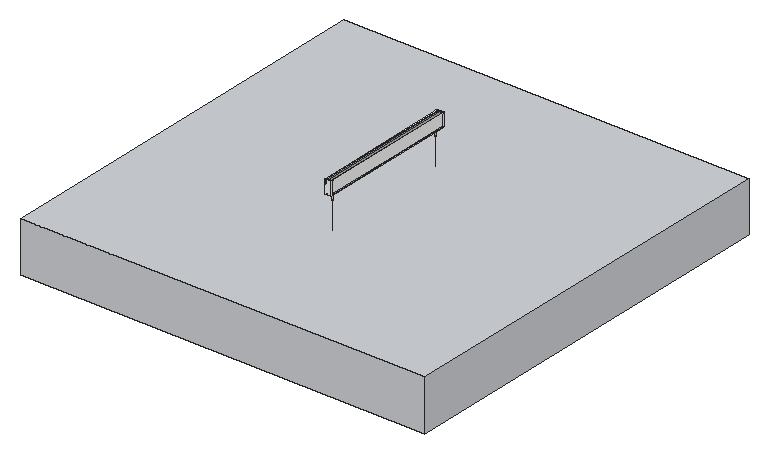
Revit family "LAMP_FIL 35 840MM OPAL SUSPENDED", category Luminarias, Revit 2018
Family settings
  Anfitrión = Cara
  Cota de conector redondo = Diámetro de uso
  Tipo de pieza = Normal
  Corte con vacíos al cargar = No
  Origen de luz = Sí
  Compartido = No
  Punto de cálculo de habitación = No
Parameters (values of type "912LM 3000K  BLACK")
  Ángulo de inclinación = -90.00°
  Weight = 1.76 kg
  Wattage = 8.8 W
  Type = "MID POWER TRIDONIC"
  built-in parameter 1150107 = 3000 (stored number, unit not read)
  NOT COVER 2 [instance] = not(END COVER 2)  # no
  NOT COVER 1 [instance] = not(END COVER 1)  # no
  END COVER 2 [instance] = yes
  END COVER 1 [instance] = yes
  Suspension distance [instance] = if(Suspension > 4000 mm, 4000 mm, if(Suspension < 1 mm, 1 mm, Suspension))  # 200 mm
  Suspension [instance] = 200 mm
  built-in parameter 1150110 = 1 (stored number, unit not read)
  built-in parameter 1150109 = 1 (stored number, unit not read)
  built-in parameter 1150112 = 1 (stored number, unit not read)
  built-in parameter 1150113 = 1 (stored number, unit not read)
  built-in parameter 1114218 = 1 (stored number, unit not read)
  Protection rating = "IP20 / IK07"
  Product datasheet = "http://www.lamp.es/product-files/TECH/F31SF084LOOP830NB-EN.pdf"
  Product code = "F31SF084LOOP830NB"
  Product URL = "https://www.lamp.es/en/family/fil-35_413911"
  Power Supply = "220-240V 50/60Hz"
  Power = 8 W
  Plum = 8.8 W
  Photobiological risk = ""
  built-in parameter 1150137 = (empty or 0)
  built-in parameter 1150132 = 2
  Modelo = Product code  # "F31SF084LOOP830NB"
  Model Explanation = ""
  Material suspension = LAMP_Acero genérico
  Material perfil = LAMP_Aluminio Perfil Fil NG
  Material difusor = LAMP_PC Difusor Opal Fil
  Manufacturer name = "LAMP"
  Manufacturer country = "Spain"
  Manufacturer URL = "http://www.lamp.es/en"
  MacAdam = "3"
  Longitud de línea de emisión = 840 mm
  Last update = "28/04/2021"
  Lamp = "MID-POWER LED"
  LED Lifetime = "50.000 L90 B10"
  built-in parameter 1150105 = 72.549 (stored number, unit not read)
  built-in parameter 1150102 = (empty or 0)
  Insulation class = "I"
  Installation instructions = "https://www.lamp.es/product-files/INS/1004590-A%20INSTR.%20FIL35.pdf"
  built-in parameter 1150106 = 0.72549 (stored number, unit not read)
  IEE = "A+"
  Gear = "Electronic"
  Lumens = 911.68 lm
  Finish = "Matte black RAL 9011"
  Color Filter = 16777215
  built-in parameter 1114217 = 1 (stored number, unit not read)
  built-in parameter 1150139 = (empty or 0)
  Fabricante = Manufacturer name  # "LAMP"
  Default Elevation = 1219.2 mm
  built-in parameter 1150104 = 9.6248 (stored number, unit not read)
  Efficacy = 103.6 lm/W
  Dimensions = "840x35x80"
  Descripción = "FIL35 SUR 840 1200 WW OPAL BK."
  built-in parameter 1150115 = 1 (stored number, unit not read)
  built-in parameter 1150114 = 1 (stored number, unit not read)
  built-in parameter 1150138 = (empty or 0)
  built-in parameter 1150134 = 3
  Dimming Lamp Color Temperature Shift = (empty or 0)
  CRI = "80"
  Archivo de red fotométrica = "F31SF084LOOP830NB.IES"
  built-in parameter 1150133 = 10 (stored number, unit not read)
Types (12, lengths in mm): name | built-in parameter 1150107 | Product datasheet | Product code | Modelo | Material perfil | Finish | Descripción | Archivo de red fotométrica
  912LM 3000K DALI BLACK | 3000 (stored number, unit not read) | "http://www.lamp.es/product-files/TECH/F31SF084LOOP830DB-EN.pdf" | "F31SF084LOOP830DB" | "F31SF084LOOP830DB" | LAMP_Aluminio Perfil Fil NG | "Matte black RAL 9011" | "FIL35 SUR 840 1200 WW OPAL DALI BK." | "F31SF084LOOP830nB.IES"
  912LM 3000K DALI GREY | 3000 (stored number, unit not read) | "http://www.lamp.es/product-files/TECH/F31SF084LOOP830DG-EN.pdf" | "F31SF084LOOP830DG" | "F31SF084LOOP830DG" | LAMP_Aluminio Perfil Fil GR | "Gloss grey" | "FIL35 SUR 840 1200 WW OPAL DALI GR." | "F31SF084LOOP830nG.IES"
  912LM 3000K DALI WHITE | 3000 (stored number, unit not read) | "http://www.lamp.es/product-files/TECH/F31SF084LOOP830DW-EN.pdf" | "F31SF084LOOP830DW" | "F31SF084LOOP830DW" | LAMP_Aluminio Perfil Fil BL | "Matte white RAL 9010" | "FIL35 SUR 840 1200 WW OPAL DALI WH." | "F31SF084LOOP830nW.IES"
  912LM 3000K  BLACK | 3000 (stored number, unit not read) | "http://www.lamp.es/product-files/TECH/F31SF084LOOP830NB-EN.pdf" | "F31SF084LOOP830NB" | "F31SF084LOOP830NB" | LAMP_Aluminio Perfil Fil NG | "Matte black RAL 9011" | "FIL35 SUR 840 1200 WW OPAL BK." | "F31SF084LOOP830NB.IES"
  912LM 3000K  GREY | 3000 (stored number, unit not read) | "http://www.lamp.es/product-files/TECH/F31SF084LOOP830NG-EN.pdf" | "F31SF084LOOP830NG" | "F31SF084LOOP830NG" | LAMP_Aluminio Perfil Fil GR | "Gloss grey" | "FIL35 SUR 840 1200 WW OPAL GR." | "F31SF084LOOP830NG.IES"
  912LM 3000K  WHITE | 3000 (stored number, unit not read) | "http://www.lamp.es/product-files/TECH/F31SF084LOOP830NW-EN.pdf" | "F31SF084LOOP830NW" | "F31SF084LOOP830NW" | LAMP_Aluminio Perfil Fil BL | "Matte white RAL 9010" | "FIL35 SUR 840 1200 WW OPAL WH." | "F31SF084LOOP830NW.IES"
  912LM 4000K DALI BLACK | 4000 (stored number, unit not read) | "http://www.lamp.es/product-files/TECH/F31SF084LOOP840DB-EN.pdf" | "F31SF084LOOP840DB" | "F31SF084LOOP840DB" | LAMP_Aluminio Perfil Fil NG | "Matte black RAL 9011" | "FIL35 SUR 840 1200 NW OPAL DALI BK." | "F31SF084LOOP840nB.IES"
  912LM 4000K DALI GREY | 4000 (stored number, unit not read) | "http://www.lamp.es/product-files/TECH/F31SF084LOOP840DG-EN.pdf" | "F31SF084LOOP840DG" | "F31SF084LOOP840DG" | LAMP_Aluminio Perfil Fil GR | "Gloss grey" | "FIL35 SUR 840 1200 NW OPAL DALI GR." | "F31SF084LOOP840nG.IES"
  912LM 4000K DALI WHITE | 4000 (stored number, unit not read) | "http://www.lamp.es/product-files/TECH/F31SF084LOOP840DW-EN.pdf" | "F31SF084LOOP840DW" | "F31SF084LOOP840DW" | LAMP_Aluminio Perfil Fil BL | "Matte white RAL 9010" | "FIL35 SUR 840 1200 NW OPAL DALI WH." | "F31SF084LOOP840nW.IES"
  912LM 4000K  BLACK | 4000 (stored number, unit not read) | "http://www.lamp.es/product-files/TECH/F31SF084LOOP840NB-EN.pdf" | "F31SF084LOOP840NB" | "F31SF084LOOP840NB" | LAMP_Aluminio Perfil Fil NG | "Matte black RAL 9011" | "FIL35 SUR 840 1200 NW OPAL BK." | "F31SF084LOOP840NB.IES"
  912LM 4000K  GREY | 4000 (stored number, unit not read) | "http://www.lamp.es/product-files/TECH/F31SF084LOOP840NG-EN.pdf" | "F31SF084LOOP840NG" | "F31SF084LOOP840NG" | LAMP_Aluminio Perfil Fil GR | "Gloss grey" | "FIL35 SUR 840 1200 NW OPAL GR." | "F31SF084LOOP840NG.IES"
  912LM 4000K  WHITE | 4000 (stored number, unit not read) | "http://www.lamp.es/product-files/TECH/F31SF084LOOP840NW-EN.pdf" | "F31SF084LOOP840NW" | "F31SF084LOOP840NW" | LAMP_Aluminio Perfil Fil BL | "Matte white RAL 9010" | "FIL35 SUR 840 1200 NW OPAL WH." | "F31SF084LOOP840NW.IES"
Reference planes
  plane 1 "Centro (Frontal/Posterior)": y = 0
  plane 2: z = 0
  plane 3 "Centro (Izquierda/Derecha)": x = 0
Forms (mm)
  Extrusion 1, solid
    sketch origin (0, 0, 0) x (1, 0, 0) y (0, 1, 0)
      loop
        line (-1219.2, 1219.2) -> (-1219.2, -1219.2) -> (1219.2, -1219.2) -> (1219.2, 1219.2) -> (-1219.2, 1219.2)
    from 0 to -304.8
  Extrusion 2, solid, material "LAMP_Aluminio Perfil Fil NG" <- "Material perfil"
    sketch origin (0, 0, 0) x (1, 0, 0) y (0, 0, 1)
      loop
        arc (17.75, 285.7) -> (16.75, 286.7) -> (15.75, 285.7) r 1
        line (15.75, 285.7) -> (15.75, 284.2) -> (13.95, 284.2) -> (13.95, 259) -> (0, 259) -> (-13.95, 259) -> (-13.95, 284.2) -> (-15.75, 284.2) -> (-15.75, 285.7)
        arc (-15.75, 285.7) -> (-16.75, 286.7) -> (-17.75, 285.7) r 1
        line (-17.75, 285.7) -> (-17.75, 206.5) -> (-16.75, 206.5) -> (-16.75, 209.7) -> (-12.5, 209.7) -> (-12.5, 207.7) -> (-14.8, 207.7) -> (-13.6, 206.5) -> (-11, 206.5) -> (-11, 214.5) -> (0, 214.5) -> (11, 214.5) -> (11, 206.5) -> (13.6, 206.5) -> (14.8, 207.7) -> (12.5, 207.7) -> (12.5, 209.7) -> (16.75, 209.7) -> (16.75, 206.5) -> (17.75, 206.5) -> (17.75, 285.7)
    from -420 to 420
  Extrusion 3, solid, material "LAMP_Acero genérico" <- "Material suspension"
    sketch origin (0, 0, 0) x (1, 0, 0) y (0, 0, 1)
      loop
        line (-12.5, 201) -> (-15.291, 208.272) -> (-13.251, 209.7) -> (-14.251, 209.7) -> (-16.291, 208.272) -> (-13.116, 200) -> (0, 200) -> (13.116, 200) -> (16.291, 208.272) -> (14.251, 209.7) -> (13.251, 209.7) -> (15.291, 208.272) -> (12.5, 201) -> (0, 201) -> (-12.5, 201)
    from -400 to -378
  Extrusion 4, solid, material "LAMP_Acero genérico" <- "Material suspension"
    sketch origin (0, -24, 0) x (1, 0, 0) y (0, 1, 0)
      loop
        circle (0, -365) r 5
    from 163.2 to 200
  Extrusion 5, solid, material "LAMP_Acero genérico" <- "Material suspension"
    sketch origin (0, 24, 0) x (1, 0, 0) y (0, 1, 0)
      loop
        circle (0, 365) r 5
    from 163.2 to 200
  Extrusion 6, solid, material "LAMP_Acero genérico" <- "Material suspension"
    sketch origin (0, 0, 0) x (1, 0, 0) y (0, 1, 0)
      loop
        circle (0, -389) r 1
    from 0 to 163.2
  Extrusion 7, solid, material "LAMP_Acero genérico" <- "Material suspension"
    sketch origin (0, 0, 0) x (1, 0, 0) y (0, 1, 0)
      loop
        circle (0, 389) r 1
    from 0 to 163.2
  Extrusion 8, solid, material "LAMP_PC Difusor Opal Fil" <- "Material difusor"
    sketch origin (0, 0, -200) x (1, 0, 0) y (0, 0, 1)
      loop
        line (-15.75, 484.2) -> (0, 484.2) -> (15.75, 484.2) -> (15.75, 486.7) -> (0, 486.7) -> (-15.75, 486.7) -> (-15.75, 484.2)
    from 420 to -420
  Extrusion 9, solid, material "LAMP_Acero genérico" <- "Material suspension"
    sketch origin (0, 0, 0) x (1, 0, 0) y (0, 0, -1)
      loop
        line (-12.5, -201) -> (0, -201) -> (12.5, -201) -> (15.291, -208.272) -> (13.251, -209.7) -> (14.251, -209.7) -> (16.291, -208.272) -> (13.116, -200) -> (0, -200) -> (-13.116, -200) -> (-16.291, -208.272) -> (-14.251, -209.7) -> (-13.251, -209.7) -> (-15.291, -208.272) -> (-12.5, -201)
    from -400 to -378
  Extrusion 10, solid, material "LAMP_PC Difusor Opal Fil" <- "Material difusor"
    sketch origin (0, 0, 0) x (1, 0, 0) y (0, 0, 1)
      loop
        line (-11, 214.5) -> (-11, 206.5) -> (-7.529, 206.5) -> (11, 206.5) -> (11, 214.5) -> (10, 214.5) -> (10, 207.5) -> (-10, 207.5) -> (-10, 214.5) -> (-11, 214.5)
    from 420 to -420
Lines and regions (mm)
  reference lines
    curve 1: line (0, -445.47, 200) -> (0, 544.53, 200)
Text (mm)
  text "Any modification of the parameters and properties of the LAMP BIM models must be executed and validated by the LAMP technical department.\nPhone: +34 93 736 68 00\nE-mail: lamp@lamp.es\n\nLAMP reserves the right to modify the technical specifications of its products." at (3279.264, 5298.162, -2684.539), in view "Preview"
Dimensions and locks
  "Suspension distance": level to curve 1
  locked: Extrusion 4 to Extrusion 4 at 36.8
  locked: Extrusion 5 to Extrusion 5 at 36.8
  aligned and locked: plane 2 to Extrusion 1
  aligned and locked: level to Extrusion 1
  aligned and locked: curve 1 to Extrusion 9
  aligned and locked: curve 1 to Extrusion 3
  aligned and locked: Extrusion 4 to curve 1
  aligned and locked: Extrusion 5 to curve 1
  aligned and locked: Extrusion 6 to Extrusion 4
  aligned and locked: Extrusion 7 to Extrusion 5
  aligned and locked: Extrusion 2 to Extrusion 9
  aligned and locked: Extrusion 10 to Extrusion 2
  aligned and locked: Extrusion 8 to Extrusion 2
  aligned and locked: imposter light to Extrusion 8
  aligned and locked: Extrusion 2 to nested 1
  aligned and locked: nested 2 to Extrusion 2
Automatic sketch dimensions
  Extrusion 1 sketch curve to Extrusion 1 sketch curve = 2438.4 mm  (x2)
  Extrusion 4 sketch curve to plane 3 "Centro (Izquierda/Derecha)" = 0 mm
  plane 1 "Centro (Frontal/Posterior)" to Extrusion 4 sketch curve = 389 mm
  Extrusion 5 sketch curve to plane 3 "Centro (Izquierda/Derecha)" = 0 mm
  plane 1 "Centro (Frontal/Posterior)" to Extrusion 5 sketch curve = 389 mm
  Extrusion 6 sketch curve to plane 3 "Centro (Izquierda/Derecha)" = 0 mm
  plane 1 "Centro (Frontal/Posterior)" to Extrusion 6 sketch curve = 389 mm
  Extrusion 7 sketch curve to plane 3 "Centro (Izquierda/Derecha)" = 0 mm
  plane 1 "Centro (Frontal/Posterior)" to Extrusion 7 sketch curve = 389 mm
  Extrusion 10 sketch curve to plane 3 "Centro (Izquierda/Derecha)" = 11 mm
  Extrusion 10 sketch curve to Extrusion 10 sketch curve = 1 mm  (x3)
  Extrusion 10 sketch curve to Extrusion 10 sketch curve = 2.471 mm
  plane 3 "Centro (Izquierda/Derecha)" to Extrusion 10 sketch curve = 10 mm
  level to Extrusion 10 sketch curve = 206.5 mm
  Extrusion 10 sketch curve to Extrusion 10 sketch curve = 7 mm  (x2)
  Extrusion 2 sketch curve to plane 3 "Centro (Izquierda/Derecha)" = 0 mm  (x2)
  Extrusion 2 sketch curve to Extrusion 2 sketch curve = 11 mm
  Extrusion 2 sketch curve to Extrusion 2 sketch curve = 1.5 mm  (x4)
  Extrusion 2 sketch curve to Extrusion 2 sketch curve = 1.1 mm  (x2)
  Extrusion 2 sketch curve to plane 3 "Centro (Izquierda/Derecha)" = 13.95 mm
  Extrusion 2 sketch curve to Extrusion 2 sketch curve = 1.2 mm  (x4)
  Extrusion 2 sketch curve to Extrusion 2 sketch curve = 1.8 mm  (x2)
  Extrusion 2 sketch curve to Extrusion 2 sketch curve = 1 mm  (x3)
  plane 3 "Centro (Izquierda/Derecha)" to Extrusion 2 sketch curve = 11 mm
  plane 3 "Centro (Izquierda/Derecha)" to Extrusion 2 sketch curve = 13.95 mm
  Extrusion 2 sketch curve to Extrusion 2 sketch curve = 1.95 mm
  level to Extrusion 2 sketch curve = 206.5 mm
  Extrusion 2 sketch curve to Extrusion 2 sketch curve = 0 mm  (x3)
  Extrusion 2 sketch curve to Extrusion 2 sketch curve = 2 mm  (x2)
  Extrusion 2 sketch curve to Extrusion 2 sketch curve = 4.8 mm
  Extrusion 2 sketch curve to Extrusion 2 sketch curve = 44.5 mm
  Extrusion 2 sketch curve to Extrusion 2 sketch curve = 25.2 mm
  Extrusion 2 sketch curve to Extrusion 2 sketch curve = 26.7 mm
  Extrusion 8 sketch curve to plane 3 "Centro (Izquierda/Derecha)" = 0 mm  (x2)
  Extrusion 8 sketch curve to Extrusion 8 sketch curve = 15.75 mm
  plane 3 "Centro (Izquierda/Derecha)" to Extrusion 8 sketch curve = 15.75 mm
  level to Extrusion 8 sketch curve = 284.2 mm
  Extrusion 9 sketch curve to plane 3 "Centro (Izquierda/Derecha)" = 0 mm  (x2)
  Extrusion 9 sketch curve to Extrusion 9 sketch curve = 12.5 mm
  Extrusion 9 sketch curve to Extrusion 9 sketch curve = 0.616 mm  (x2)
  Extrusion 9 sketch curve to Extrusion 9 sketch curve = 0.751 mm  (x2)
  Extrusion 9 sketch curve to Extrusion 9 sketch curve = 1 mm  (x5)
  Extrusion 9 sketch curve to Extrusion 9 sketch curve = 1.04 mm  (x2)
  plane 3 "Centro (Izquierda/Derecha)" to Extrusion 9 sketch curve = 12.5 mm
  level to Extrusion 9 sketch curve = 209.7 mm
  Extrusion 9 sketch curve to Extrusion 9 sketch curve = 0 mm  (x3)
  Extrusion 9 sketch curve to Extrusion 9 sketch curve = 1.428 mm  (x2)
  Extrusion 9 sketch curve to Extrusion 9 sketch curve = 7.272 mm
  Extrusion 3 sketch curve to plane 3 "Centro (Izquierda/Derecha)" = 0 mm  (x2)
  Extrusion 3 sketch curve to Extrusion 3 sketch curve = 12.5 mm
  Extrusion 3 sketch curve to Extrusion 3 sketch curve = 0.616 mm  (x2)
  Extrusion 3 sketch curve to Extrusion 3 sketch curve = 0.751 mm  (x2)
  Extrusion 3 sketch curve to Extrusion 3 sketch curve = 1 mm  (x5)
  Extrusion 3 sketch curve to Extrusion 3 sketch curve = 1.04 mm  (x2)
  plane 3 "Centro (Izquierda/Derecha)" to Extrusion 3 sketch curve = 12.5 mm
  level to Extrusion 3 sketch curve = 200 mm
  Extrusion 3 sketch curve to Extrusion 3 sketch curve = 7.272 mm  (x2)
  Extrusion 3 sketch curve to Extrusion 3 sketch curve = 0 mm  (x2)
  Extrusion 3 sketch curve to Extrusion 3 sketch curve = 1.428 mm  (x2)
  Extrusion 8 sketch curve to Extrusion 8 sketch curve = 2.5 mm
  plane 1 "Centro (Frontal/Posterior)" to curve 1 = 445.47 mm
  curve 1 to plane 1 "Centro (Frontal/Posterior)" = 544.53 mm
  radius of Extrusion 4 sketch curve = 5 mm
  radius of Extrusion 5 sketch curve = 5 mm
  radius of Extrusion 6 sketch curve = 1 mm
  radius of Extrusion 7 sketch curve = 1 mm
Nested families
  nested 1: "LAMP_FIL 35 END COVER SURFACE" at (0, -421.4, 206.5), visible <- "END COVER 1", type "Blanco"
  nested 2: "LAMP_FIL 35 END COVER SURFACE" at (0, 421.4, 206.5), visible <- "END COVER 2", type "Blanco"
Connectors
  electrical at (0, 389, 200)
    settings: on Extrusion 5, index 1, voltage 230 V, apparent load 0 VA, apparent load phase1 0 VA, apparent load phase2 0 VA, apparent load phase3 0 VA, power factor 1, load classification "Otro", number of poles 1, system type 31, power factor state 1, is connector primary yes, connector utility no, sub classification motor no, connector description ""
Definition of nested family "LAMP_FIL 35 END COVER SURFACE"
  Parameters (values of type "Blanco")
    Material tapa = none
  Reference planes
    plane 1 "Centro (Frontal/Posterior)": y = 0
    plane 2: z = 0
    plane 3 "Centro (Izquierda/Derecha)": x = 0
  Forms (mm)
    Extrusion 1, solid, material <- "Material tapa"
      sketch origin (0, 0, 0) x (0, -1, 0) y (0, 0, 1)
        loop
          line (0, 0) -> (1.4, 0) -> (1.4, 80.5) -> (-1.4, 80.5) -> (-1.4, 0) -> (0, 0)
      from -17.8 to 17.8
  Dimensions and locks
    aligned and locked: level to plane 2
